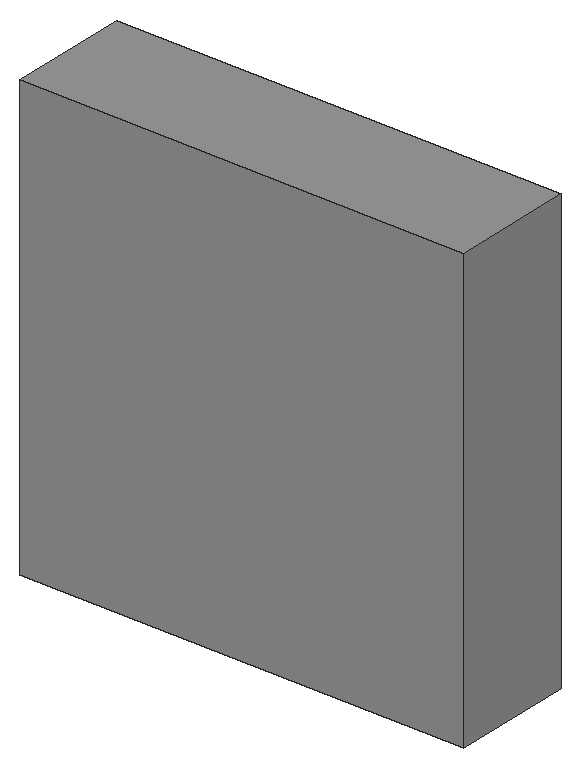
Revit family "NRG_Informationsterminal_V1700", category Notrufgeräte, Revit 2017
Family settings
  Beschriftungsausrichtung beibehalten = Nein
  Bemaßung runder Anschluss = Durchmesser verwenden
  Teiletyp = Normal
  OmniClass-Nummer = 23.85.30.00
  OmniClass-Titel = Safety and Security Information Systems
  Arbeitsebenenbasiert = Nein
  Immer vertikal = Ja
  Beim Laden mit Abzugskörper schneiden = Ja
  Gemeinsam genutzt = Nein
  Raumberechnungspunkt = Nein
Parameters (values of type "Informationsterminal")
  pbr_Material_KZ = ""
  pbr_Material = none
  pbr_E_Typ = ""
  pbr_E_KZ = ""
  pbr_DINBild = 0
  pbr_Bild = 0
  pbr_3Dx_Delta_Korrekturversatz [instance] = 0 mm
  pbr_3DX_Versatzfaktor [instance] = 0
  pbr_2DY_Versatzfaktor [instance] = 0
  pbr_2DX_Versatzfaktor [instance] = 0
  lfd_STRK [instance] = 0
  cpiFitMatchKey [instance] = " E-BM-FSZ "
  Winkel = 90.00°
  Typ [instance] = ""
  Tiefe = 37 mm
  Text3 [instance] = ""
  Text2 [instance] = ""
  Text1 [instance] = ""
  Port2 [instance] = ""
  Port1 [instance] = ""
  Planungsbüro Rohling = "www.pbr.de"
  Patchfeld [instance] = ""
  Netzart = ""
  Menge(Dosenzahl) [instance] = 0
  Länge = Breite  # 135 mm
  Linie/Anschluss [instance] = ""
  Linie [instance] = ""
  Lastklassifizierung = none
  Installationsart [instance] = ""
  Informationsterminal = yes
  Info [instance] = ""
  Gewerk [instance] = "SR"
  Eckversatz [instance] = 0 mm
  YFrontversatz [instance] = if(pbr_2DY_Versatzfaktor = 300, 0 mm, pbr_2DY_Versatzfaktor * 300 mm)  # 0 mm
  XSeitenversatz [instance] = if(pbr_2DX_Versatzfaktor = 0, 3000 mm, 3000 mm + (pbr_2DX_Versatzfaktor * 300 mm)) + Eckversatz  # 3000 mm
  X3Dversatz [instance] = if([3DX_Versatzkontrolle] = 0, 2000 mm, 2000 mm + ([3DX_Versatzkontrolle] * (300 mm - Breite))) + pbr_3Dx_Delta_Korrekturversatz  # 2000 mm
  Niveau [instance] = 1200 mm
  Bus [instance] = ""
  Breite = 135 mm
  Betriebsstrom ruhe [instance] = 0
  Betriebsstrom max [instance] = 0
  3DX_Versatzkontrolle [instance] = if(pbr_3DX_Versatzfaktor = 0, (pbr_2DX_Versatzfaktor * -1), (((-1 * pbr_3DX_Versatzfaktor) + pbr_2DX_Versatzfaktor) * -1))  # 0
  3DX_Versatz [instance] = if([3DX_Versatzkontrolle] = 0, 2000 mm, 2000 mm + ([3DX_Versatzkontrolle] * (300 mm - Breite))) + pbr_3Dx_Delta_Korrekturversatz  # 2000 mm
Reference planes
  plane 1 "Mitte (Vorne/Hinten)": y = 0
  plane 2: z = 0
  plane 3 "Mitte (Links/Rechts)": x = 22.5
  plane 4: x = -127.5
  plane 5: x = 172.5
  plane 6: y = 300
  plane 7 "Schalterhinten": y = 0
  plane 8: x = -2977.5
  plane 9: x = 22.5
  plane 10: x = -1977.5
  plane 11: x = -45
  plane 12: x = 90
  plane 13: z = 1267.5
  plane 14: z = 1132.5
  plane 15 "SchalterVorne": y = 37
  plane 16 "3DMitte": x = 22.5
  plane 17 "Achse": z = 1200
  plane 18: z = 1225
  plane 19: z = 1175
  plane 20 "2DMitte": y = 150
Forms (mm)
  Extrusion 1, solid, material "Stahl, weich, geschweißt"
    sketch origin (0, 20, 0) x (0, 0, 1) y (-1, 0, 0)
      loop
        line (1132.5, 45) -> (1132.5, -90) -> (1267.5, -90) -> (1267.5, 45) -> (1132.5, 45)
    from -17 to 20
Dimensions and locks
  locked: plane 6 to plane 7 "Schalterhinten" at 300
  "XSeitenversatz": plane 8 to plane 9
  plane 8 to plane 3 "Mitte (Links/Rechts)" = 3000 mm
  "YFrontversatz": plane 1 "Mitte (Vorne/Hinten)" to plane 7 "Schalterhinten"
  "Breite": plane 12 to plane 11
  "Länge": plane 13 to plane 14
  plane 9 to plane 10 = 2000 mm
  equal spacing: plane 12, plane 16 "3DMitte", plane 11
  "3DX_Versatz": plane 16 "3DMitte" to plane 10
  equal spacing: plane 13, plane 17 "Achse", plane 14
  "Niveau": plane 17 "Achse" to level
  "Tiefe": plane 15 "SchalterVorne" to plane 1 "Mitte (Vorne/Hinten)"
  plane 13 to plane 18 = 42.5 mm
  plane 19 to plane 14 = 42.5 mm
  equal spacing: plane 4, plane 9, plane 5, locked at 150 each
  locked: plane 4 to plane 5 at 300
  equal spacing: plane 6, plane 20 "2DMitte", plane 7 "Schalterhinten", locked at 150 each
  locked: plane 9 to plane 10 at 2000
  aligned and locked: level to plane 2
  aligned and locked: Extrusion 1 sketch curve to plane 14
  aligned and locked: Extrusion 1 sketch curve to plane 11
  aligned and locked: Extrusion 1 sketch curve to plane 13
  aligned and locked: plane 12 to Extrusion 1 sketch curve
  aligned and locked: plane 1 "Mitte (Vorne/Hinten)" to Extrusion 1
  aligned and locked: Extrusion 1 to plane 15 "SchalterVorne"
  aligned and locked: nested 1 to plane 9
  aligned and locked: nested 1 to plane 7 "Schalterhinten"
Nested families
  nested 1: "Informationsterminal" at (22.5, 0, 0), visible <- "Informationsterminal", Winkel <- "Winkel", type "Informationsterminal"
    with Winkel 90.00°
Connectors
  electrical at (22.5, 0, 1200)
    settings: on Extrusion 1, index 1, voltage 0 V, apparent load 0 VA, apparent load phase1 0 VA, apparent load phase2 0 VA, apparent load phase3 0 VA, power factor 1, load classification "Sonstige", number of poles 1, system type 12, power factor state 1, is connector primary yes, connector utility no, sub classification motor no, connector description ""
Definition of nested family "Informationsterminal"
  Parameters (values of type "Informationsterminal")
    Winkel [instance] = 90.00°
  Reference planes
    plane 1 "Mitte (Vorne/Hinten)": y = 0
    plane 2: z = 0
    plane 3 "Mitte (Links/Rechts)": x = 0
  Lines and regions (mm)
    Filled region 1, type "Beton", in view "Referenzebene"
      outline origin (-34.246, -7.901, 0) x (1, 0, 0) y (0, 1, 0)
        loop
          line (-124.364, 211.142) -> (-124.364, 81.654) -> (-110.585, 81.654) -> (-110.585, 211.142) -> (-124.364, 211.142)
    Filled region 2, type "Beton", in view "Referenzebene"
      outline origin (-34.246, -7.901, 0) x (1, 0, 0) y (0, 1, 0)
        loop
          line (-75.01, 81.867) -> (-75.01, 183.489) -> (-20.743, 81.428) -> (-6.517, 81.428) -> (-6.517, 211.428) -> (-19.744, 211.428) -> (-19.744, 109.511) -> (-74.167, 211.867) -> (-88.887, 211.867) -> (-88.887, 81.867) -> (-75.01, 81.867)
    Filled region 3, type "Beton", in view "Referenzebene"
      outline origin (-34.246, -7.901, 0) x (1, 0, 0) y (0, 1, 0)
        loop
          line (29.246, 196.088) -> (85.271, 196.088) -> (85.271, 211.088) -> (15.271, 211.088) -> (15.271, 81.659) -> (29.246, 81.659) -> (29.246, 140.737) -> (77.718, 140.737) -> (77.718, 155.737) -> (29.246, 155.737) -> (29.246, 196.088)
    Filled region 4, type "Beton", in view "Referenzebene"
      outline origin (-34.246, -7.901, 0) x (1, 0, 0) y (0, 1, 0)
        loop
          spline (145.358, 94.076) -> (154.925, 95.865) -> (163.841, 101.111) -> (171.496, 109.456) -> (177.371, 120.332) -> (181.064, 132.997) -> (182.323, 146.588) -> (181.064, 160.179) -> (177.371, 172.844) -> (171.496, 183.719) -> (163.841, 192.064) -> (154.925, 197.31) -> (145.358, 199.1)
          spline (145.358, 199.1) -> (135.79, 197.31) -> (126.875, 192.064) -> (119.219, 183.719) -> (113.345, 172.844) -> (109.652, 160.179) -> (108.392, 146.588) -> (109.652, 132.997) -> (113.345, 120.332) -> (119.219, 109.456) -> (126.875, 101.111) -> (135.79, 95.865) -> (145.358, 94.076)
        loop
          spline (145.703, 79.532) -> (158.644, 81.805) -> (170.703, 88.47) -> (181.059, 99.071) -> (189.005, 112.887) -> (194, 128.976) -> (195.703, 146.242) -> (194, 163.508) -> (189.005, 179.597) -> (181.059, 193.413) -> (170.703, 204.015) -> (158.644, 210.679) -> (145.703, 212.952)
          spline (145.703, 212.952) -> (132.762, 210.679) -> (120.703, 204.015) -> (110.348, 193.413) -> (102.402, 179.597) -> (97.407, 163.508) -> (95.703, 146.242) -> (97.407, 128.976) -> (102.402, 112.887) -> (110.348, 99.071) -> (120.703, 88.47) -> (132.762, 81.805) -> (145.703, 79.532)
    detail lines, in view "Referenzebene"
      curve 1: arc (-249.576, 298.354, 0) -> (-399.576, 148.354, 0) -> (-249.576, -1.646, 0) r 150
      curve 2: arc (250.424, -1.646, 0) -> (400.424, 148.354, 0) -> (250.424, 298.354, 0) r 150
      curve 3: line (-249.576, -1.646, 0) -> (250.424, -1.646, 0)
      curve 4: line (250.424, 298.354, 0) -> (-249.576, 298.354, 0)
